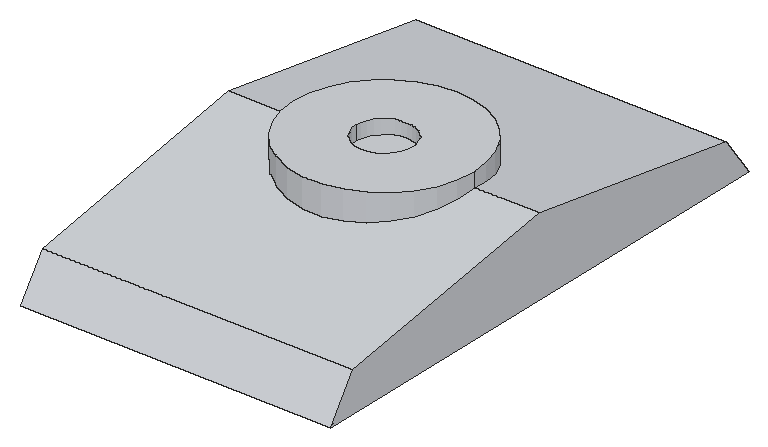
Revit family "e7fad7a8ea7544e7bfaf2e49d24eca03", category Fire Alarm Devices, host Face, Revit 2021
Family settings
  Host = Face
  Maintain Annotation Orientation = Yes
  Round Connector Dimension = Use Diameter
  Part Type = Normal
  OmniClass Number = 23.85.30.21.11.17
  OmniClass Title = Other Components
  Seek Item ID = Fire Alarm Door Holder - Magnetic - Wall Mounted-0000-USA-ENU
  Cut with Voids When Loaded = No
  Shared = No
  Room Calculation Point = No
Parameters (values of type "Standard")
  Door Holder Material = none
  Default Elevation = 1' - 6"
Reference planes (in)
  plane 1 "Center (Front/Back)": y = 0
  plane 2: z = 0
  plane 3 "Center (Left/Right)": x = 0
  plane 4: x = 1.375
  plane 5: x = -1.375
  plane 6: y = 2.3125
  plane 7: y = -2.3125
  plane 8: y = 2.0625
  plane 9: y = -2.0625
  plane 10: x = -1.125
  plane 11: x = 1.125
  plane 12: z = 0.8125
  plane 13: z = 0.6875
  plane 14: z = 0.34375
Forms (in)
  Extrusion 1, solid, material <- "Door Holder Material"
    sketch origin (0, 0, 0) x (0, 1, 0) y (0, 0, 1)
      loop
        line (2.3125, 0) -> (2.0625, 0.34375) -> (0, 0.6875) -> (-2.0625, 0.34375) -> (-2.3125, 0) -> (2.3125, 0)
    from -1.375 to 1.375
  Extrusion 2, solid, material <- "Door Holder Material"
    sketch origin (0, 0, 0) x (1, 0, 0) y (0, 1, 0)
      loop
        circle (0, 0) r 0.8
    from 0.34375 to 0.8125
  Extrusion 3, void
    sketch origin (0, 0, 0) x (1, 0, 0) y (0, 1, 0)
      loop
        circle (0, 0) r 0.25
    from 0.6875 to 0.8125
Cuts and joins
  Extrusion 3 cuts Extrusion 2
  joined: Extrusion 1, Extrusion 2
Lines and regions (in)
  symbolic lines, detail levels fine
    curve 1: line (0.8, 0, 0.8125) -> (-0.8, 0, 0.8125)
    curve 2: line (-1.375, 0, 0) -> (1.375, 0, 0)
    curve 3: line (-1.375, 0, 0.6875) -> (-1.375, 0, 0)
    curve 4: line (1.375, 0, 0) -> (1.375, 0, 0.6875)
    curve 5: line (-1.375, 0, 0.6875) -> (-0.8, 0, 0.6875)
    curve 6: line (-0.8, 0, 0.6875) -> (-0.8, 0, 0.8125)
    curve 7: line (0.8, 0, 0.8125) -> (0.8, 0, 0.6875)
    curve 8: line (0.8, 0, 0.6875) -> (1.375, 0, 0.6875)
    curve 9: spline (-0.79847, 0, 0.6875) -> (-0.7737, 0, 0.65316) -> (-0.69526, 0, 0.62108) -> (-0.5686, 0, 0.59348) -> (-0.4025, 0, 0.57227) -> (-0.20848, 0, 0.55893) -> (0, 0, 0.55438) -> (0.20848, 0, 0.55893) -> (0.4025, 0, 0.57227) -> (0.5686, 0, 0.59348) -> (0.69526, 0, 0.62108) -> (0.7737, 0, 0.65316) -> (0.79847, 0, 0.6875)
Dimensions and locks (in)
  equal spacing: plane 5, plane 3 "Center (Left/Right)", plane 4
  locked: plane 5 to plane 4 at 2.75
  equal spacing: plane 7, plane 1 "Center (Front/Back)", plane 6
  locked: plane 7 to plane 6 at 4.625
  locked: plane 8 to plane 6 at 0.25
  locked: plane 9 to plane 7 at 0.25
  plane 5 to plane 10 = 0' - 0 1/4"
  plane 11 to plane 4 = 0' - 0 1/4"
  locked: plane 12 to plane 2 at 0.8125
  locked: plane 12 to plane 13 at 0.125
  equal spacing: plane 13, plane 14, plane 2
  radius of Extrusion 2 sketch curve = 0' - 0.8"
  radius of Extrusion 3 sketch curve = 0' - 0 1/4"
  aligned and locked: plane 2 to host face
  aligned and locked: level to host face
  aligned and locked: Extrusion 1 sketch curve to plane 2
  aligned and locked: plane 6 to Extrusion 1 sketch curve
  aligned and locked: plane 8 to Extrusion 1 sketch curve
  aligned and locked: plane 14 to Extrusion 1 sketch curve  (x2)
  aligned and locked: plane 1 "Center (Front/Back)" to Extrusion 1 sketch curve
  aligned and locked: plane 13 to Extrusion 1 sketch curve
  aligned and locked: plane 9 to Extrusion 1 sketch curve
  aligned and locked: plane 2 to Extrusion 1 sketch curve
  aligned and locked: plane 7 to Extrusion 1 sketch curve
  aligned and locked: plane 5 to Extrusion 1
  aligned and locked: plane 4 to Extrusion 1
  aligned and locked: plane 1 "Center (Front/Back)" to Extrusion 2 sketch curve
  aligned and locked: plane 3 "Center (Left/Right)" to Extrusion 2 sketch curve
  aligned and locked: Extrusion 2 to plane 14
  aligned and locked: plane 12 to Extrusion 2
  aligned and locked: plane 1 "Center (Front/Back)" to Extrusion 3 sketch curve
  aligned and locked: plane 3 "Center (Left/Right)" to Extrusion 3 sketch curve
  aligned and locked: Extrusion 3 to plane 13
  aligned and locked: plane 12 to Extrusion 3
  aligned and locked: plane 1 "Center (Front/Back)" to nested 1
  aligned and locked: plane 3 "Center (Left/Right)" to nested 1
  aligned and locked: curve 1 to cut or joined group of Extrusion 1, Extrusion 2, Extrusion 3
  aligned and locked: curve 2 to cut or joined group of Extrusion 1, Extrusion 2, Extrusion 3
  aligned and locked: curve 3 to cut or joined group of Extrusion 1, Extrusion 2, Extrusion 3
  aligned and locked: curve 4 to cut or joined group of Extrusion 1, Extrusion 2, Extrusion 3
Automatic sketch dimensions
  host sketch curve to host sketch curve = 8' - 0"  (x2)
  curve 6 to plane 13 = 0' - 0"
  curve 7 to plane 13 = 0' - 0"
  curve 6 to plane 10 = 0' - 0.325"
  curve 7 to plane 11 = 0' - 0.325"
Nested families (in)
  nested 1: "Fire Alarm Door Holder - Magnetic - Wall Mounted Annotation" at (0, 0, 0), type "Fire Alarm Door Holder - Magnetic - Wall Mounted Annotation", detail levels coarse+medium
Connectors (in)
  electrical at (0, 0, 0)
    settings: on cut or joined group of Extrusion 1, Extrusion 2, Extrusion 3, index 1, voltage 0 V, apparent load 0 VA, apparent load phase1 0 VA, apparent load phase2 0 VA, apparent load phase3 0 VA, power factor 1, load classification "Other", number of poles 1, system type 11, power factor state 1, is connector primary yes, connector utility no, sub classification motor no, connector description ""
Definition of nested family "Fire Alarm Door Holder - Magnetic - Wall Mounted Annotation"
  Parameters
    Label Annotation = "M"
  Reference planes (in)
    plane 1: y = 0
    plane 2: x = 0
  Lines and regions (in)
    reference lines
      curve 1: line (-0.09375, 0.54552, 0) -> (-0.09375, 0.0625, 0)
      curve 2: line (0.09375, 0.60708, 0) -> (0.09375, 0.03821, 0)
      curve 3: line (-0.43796, 0.25, 0) -> (0.78352, 0.25, 0)
      curve 8: line (-0.70815, 0.0625, 0) -> (0.79185, 0.0625, 0)
      curve 9: line (-0.03125, 0.11119, 0) -> (-0.03125, -0.20262, 0)
      curve 10: line (0.03125, 0.10215, 0) -> (0.03125, -0.14785, 0)
    detail lines
      curve 4: line (-0.09375, 0.25, 0) -> (0.09375, 0.25, 0)
      curve 5: line (-0.09375, 0.0625, 0) -> (-0.09375, 0.25, 0)
      curve 6: line (0.09375, 0.0625, 0) -> (-0.09375, 0.0625, 0)
      curve 7: line (0.09375, 0.25, 0) -> (0.09375, 0.0625, 0)
      curve 11: line (0, 0.0625, 0) -> (0, 0, 0)
      curve 12: line (-0.03125, 0, 0) -> (0.03125, 0, 0)
  Text (in)
    label "M" at (-0.0536, 0.16046, 0), shows "Label Annotation"
  Dimensions and locks (in)
    locked: curve 1 to plane 2 at 0.09375
    locked: plane 2 to curve 2 at 0.09375
    locked: curve 8 to curve 3 at 0.1875
    locked: plane 1 to curve 8 at 0.0625
    locked: curve 9 to plane 2 at 0.03125
    locked: plane 2 to curve 10 at 0.03125
    aligned and locked: curve 3 to curve 4
    aligned and locked: curve 5 to curve 1
    aligned and locked: curve 2 to curve 7
    aligned and locked: curve 6 to curve 8
    aligned and locked: curve 8 to curve 11
    aligned and locked: plane 1 to curve 11
    aligned and locked: curve 11 to plane 2
    aligned and locked: curve 9 to curve 12
    aligned and locked: curve 10 to curve 12
    aligned and locked: plane 1 to curve 12
